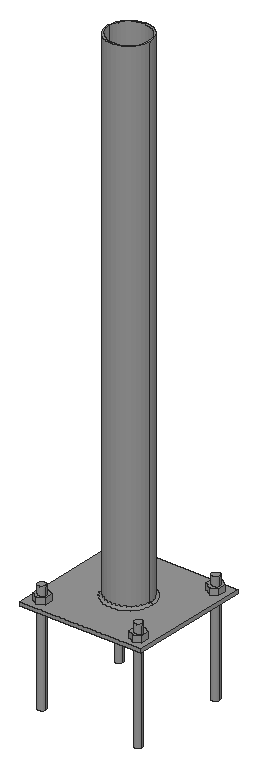
Revit family "RA312_R01", category Site, Revit 2025
Family settings
  Round Connector Dimension = Use Diameter
  Part Type = Normal
  Work Plane-Based = No
  Always vertical = Yes
  Cut with Voids When Loaded = No
  Shared = No
Parameters (values of type "Postech-Vistech RA312")
  c/c Plate-Axis = 0' - 5"
  c/c Holes-Plate = 0' - 1"
  c/c Ancrage-Plate = 0' - 1"
  Hexa bolts = 0' - 0 3/4"
  Dist Tube-Plate = 0' - 5"
  Dia int Tube = 0' - 3 73/256"
  Dia ext Tube = 0' - 3 1/2"
  Dia Holes = 0' - 0 3/4"
  Dia Ancrage = 0' - 0 5/8"
Reference planes (in)
  plane 1 "Center (Front/Back)": y = 0
  plane 2: z = 0
  plane 3 "Center (Left/Right)": x = 0
Forms (in)
  Extrusion 1, solid, material "Galvanized"
    sketch origin (0, 0, 0) x (1, 0, 0) y (0, 1, 0)
      loop
        line (-5, 5) -> (-5, -5) -> (5, -5) -> (5, 5) -> (-5, 5)
      loop
        circle (-4, 4) r 0.375
      loop
        circle (-4, -4) r 0.375
      loop
        circle (4, -4) r 0.375
      loop
        circle (4, 4) r 0.375
    from 0 to 0.3125
  Extrusion 2, solid, material "Galvanized"
    sketch origin (0, 0, 0) x (1, 0, 0) y (0, 1, 0)
      loop
        circle (0, 0) r 1.75
      loop
        circle (0, 0) r 1.64258
    from 0 to 42
  Extrusion 3, solid, material "Galvanized"
    sketch origin (0, 0, 0) x (1, 0, 0) y (0, 1, 0)
      loop
        circle (-4, 4) r 0.3125
      loop
        circle (-4, -4) r 0.3125
      loop
        circle (4, -4) r 0.3125
      loop
        circle (4, 4) r 0.3125
    from -7.6875 to 1.5
  Extrusion 4, solid, material "Galvanized"
    sketch origin (0, 0, 0.3125) x (1, 0, 0) y (0, 1, 0)
      loop
        line (3.99615, 3.38156) -> (4.53377, 3.69195) -> (4.53377, 4.31274) -> (3.99615, 4.62314) -> (3.45854, 4.31274) -> (3.45854, 3.69195) -> (3.99615, 3.38156)
      loop
        circle (4, 4) r 0.3125
    from 0 to 0.5
  Extrusion 5, solid, material "Galvanized"
    sketch origin (0, 0, 0.3125) x (1, 0, 0) y (0, 1, 0)
      loop
        line (3.99615, -4.61844) -> (4.53377, -4.30805) -> (4.53377, -3.68726) -> (3.99615, -3.37686) -> (3.45854, -3.68726) -> (3.45854, -4.30805) -> (3.99615, -4.61844)
      loop
        circle (4, -4) r 0.3125
    from 0 to 0.5
  Extrusion 6, solid, material "Galvanized"
    sketch origin (0, 0, 0.3125) x (1, 0, 0) y (0, 1, 0)
      loop
        line (-4.00385, -4.61844) -> (-3.46623, -4.30805) -> (-3.46623, -3.68726) -> (-4.00385, -3.37686) -> (-4.54146, -3.68726) -> (-4.54146, -4.30805) -> (-4.00385, -4.61844)
      loop
        circle (-4, -4) r 0.3125
    from 0 to 0.5
  Extrusion 7, solid, material "Galvanized"
    sketch origin (0, 0, 0.3125) x (1, 0, 0) y (0, 1, 0)
      loop
        line (-4.00385, 3.38156) -> (-3.46623, 3.69195) -> (-3.46623, 4.31274) -> (-4.00385, 4.62314) -> (-4.54146, 4.31274) -> (-4.54146, 3.69195) -> (-4.00385, 3.38156)
      loop
        circle (-4, 4) r 0.3125
    from 0 to 0.5
  Sweep 8, solid, material "Galvanized"
    path in 3D
      loop
        arc (1.75, 0, 42) -> (0, -1.75, 42) -> (-1.75, 0, 42) r 1.75
        arc (-1.75, 0, 42) -> (0, 1.75, 42) -> (1.75, 0, 42) r 1.75
    profile origin (0, 1.75, 42) x (0, 1, 0) y (0, 0, 1)
      loop
        line (0, -41.46308) -> (0, -41.6875) -> (0.22442, -41.6875)
        arc (0.22442, -41.6875) -> (0.06573, -41.62177) -> (0, -41.46308) r 0.22442
Lines and regions (in)
  sketch lines
    curve 1: arc (-1.75, 0, 42) -> (0, 1.75, 42) -> (1.75, 0, 42) r 1.75
    curve 2: arc (1.75, 0, 42) -> (0, -1.75, 42) -> (-1.75, 0, 42) r 1.75
Dimensions and locks (in)
  "c/c Plate-Axis": Extrusion 1 sketch curve to plane 3 "Center (Left/Right)"
  "c/c Plate-Axis": plane 3 "Center (Left/Right)" to Extrusion 1 sketch curve
  "c/c Plate-Axis": plane 1 "Center (Front/Back)" to Extrusion 1 sketch curve
  "c/c Plate-Axis": Extrusion 1 sketch curve to plane 1 "Center (Front/Back)"
  "c/c Holes-Plate": Extrusion 1 sketch curve to Extrusion 1 sketch curve  (x8)
  "Dist Tube-Plate": Extrusion 1 to Extrusion 2 sketch curve  (x2)
  "c/c Ancrage-Plate": Extrusion 1 to Extrusion 3 sketch curve  (x6)
  "c/c Ancrage-Plate": Extrusion 3 sketch curve to Extrusion 1  (x2)
  "Dia Holes": diameter of Extrusion 1 sketch curve  (x4)
  "Dia ext Tube": diameter of Extrusion 2 sketch curve
  "Dia Ancrage": diameter of Extrusion 3 sketch curve  (x4)
  "Dia int Tube": diameter of Extrusion 2 sketch curve
Automatic sketch dimensions
  Sweep 8 sketch curve to profile plane = 0' - 0"
  Sweep 8 sketch curve to profile plane = 0' - 0.22442"
  Sweep 8 sketch curve to profile plane = 3' - 5 11/16"
  Extrusion 5 sketch curve to Extrusion 1 = 0' - 0.38156"
  Extrusion 5 sketch curve to Extrusion 5 sketch curve = 0' - 0.00385"  (x2)
  Extrusion 5 sketch curve to Extrusion 5 sketch curve = 0' - 0.53762"
  Extrusion 5 sketch curve to Extrusion 1 = 0' - 0.46623"
  Extrusion 5 sketch curve to Extrusion 5 sketch curve = 0' - 0.30805"
  Extrusion 5 sketch curve to Extrusion 5 sketch curve = 0' - 0.31039"  (x2)
  Extrusion 5 sketch curve to Extrusion 5 sketch curve = 0' - 0.62079"
  Extrusion 5 sketch curve to Extrusion 5 sketch curve = 0' - 0.31274"
  Extrusion 6 sketch curve to Extrusion 1 = 0' - 0.38156"
  Extrusion 6 sketch curve to Extrusion 6 sketch curve = 0' - 0.00385"  (x2)
  Extrusion 6 sketch curve to Extrusion 1 = 0' - 0.45854"
  Extrusion 6 sketch curve to Extrusion 1 = 0' - 0.69195"
  Extrusion 6 sketch curve to Extrusion 6 sketch curve = 0' - 0.53377"
  Extrusion 6 sketch curve to Extrusion 6 sketch curve = 0' - 0.31039"  (x2)
  Extrusion 6 sketch curve to Extrusion 6 sketch curve = 0' - 0.62079"
  Extrusion 6 sketch curve to Extrusion 6 sketch curve = 0' - 0.31274"
  Extrusion 7 sketch curve to Extrusion 7 sketch curve = 0' - 0.00385"  (x2)
  Extrusion 7 sketch curve to Extrusion 1 = 0' - 0.37686"
  Extrusion 7 sketch curve to Extrusion 1 = 0' - 0.45854"
  Extrusion 7 sketch curve to Extrusion 7 sketch curve = 0' - 0.53377"
  Extrusion 7 sketch curve to Extrusion 7 sketch curve = 0' - 0.30805"  (x2)
  Extrusion 7 sketch curve to Extrusion 7 sketch curve = 0' - 0.61844"
  Extrusion 7 sketch curve to Extrusion 7 sketch curve = 0' - 0.31039"
  Extrusion 7 sketch curve to Extrusion 7 sketch curve = 0' - 0.31274"
  Extrusion 4 sketch curve to Extrusion 4 sketch curve = 0' - 0.00385"  (x2)
  Extrusion 4 sketch curve to Extrusion 1 = 0' - 0.37686"
  Extrusion 4 sketch curve to Extrusion 4 sketch curve = 0' - 0.53762"
  Extrusion 4 sketch curve to Extrusion 1 = 0' - 0.46623"
  Extrusion 4 sketch curve to Extrusion 4 sketch curve = 0' - 0.30805"  (x2)
  Extrusion 4 sketch curve to Extrusion 4 sketch curve = 0' - 0.61844"
  Extrusion 4 sketch curve to Extrusion 4 sketch curve = 0' - 0.31039"
  Extrusion 4 sketch curve to Extrusion 4 sketch curve = 0' - 0.31274"
  Extrusion 2 sketch curve to Extrusion 2 sketch curve = 0' - 0"  (x2)
  radius of Extrusion 5 sketch curve to Extrusion 1 = 0' - 0 1/16"
  radius of Extrusion 6 sketch curve to Extrusion 1 = 0' - 0 1/16"
  radius of Extrusion 7 sketch curve to Extrusion 1 = 0' - 0 1/16"
  radius of Extrusion 4 sketch curve to Extrusion 1 = 0' - 0 1/16"
